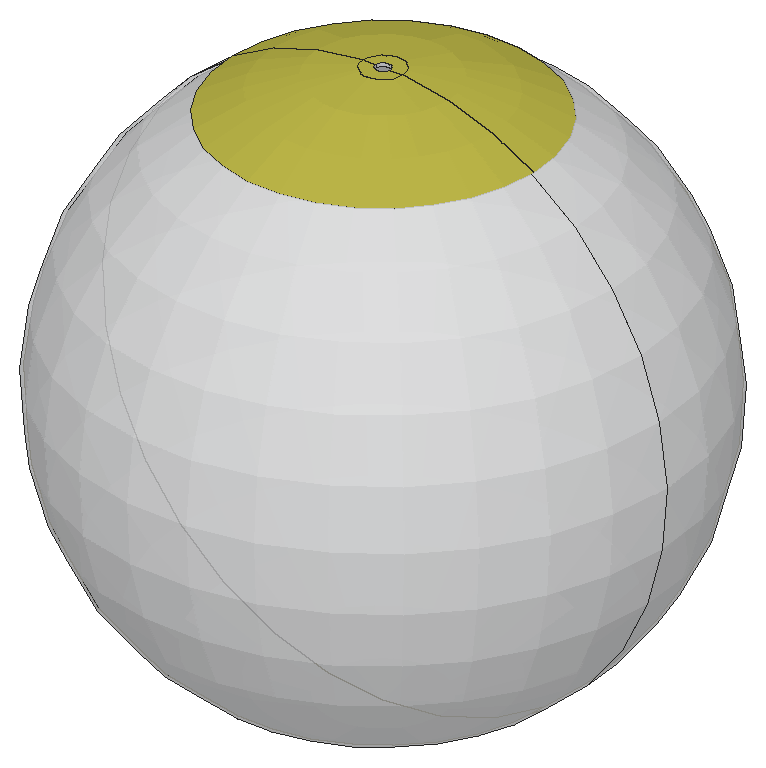
Revit family "OB20 SHADE", category Lighting Fixtures, Revit 2024
Family settings
  Round Connector Dimension = Use Diameter
  Part Type = Normal
  OmniClass Number = 23.80.70.00
  OmniClass Title = Lighting
  Work Plane-Based = No
  Always vertical = Yes
  Cut with Voids When Loaded = No
  Light Source = No
  Maintain Annotation Orientation = No
  Shared = No
  Room Calculation Point = No
Parameters
  Default Elevation = 0' - 0"
Reference planes (in)
  plane 1 "Light Source Axis (F/B)": y = 0
  plane 2: z = 0
  plane 3 "Light Source Axis (L/R)": x = 0
  plane 4 "Light Source Elevation": z = 54
Forms (in)
  Revolve 1, solid
    sketch origin (0, 0, 0) x (1, 0, 0) y (0, 0, 1)
      loop
        arc (-0.69087, 74.03876) -> (-3.07804, 73.58016) -> (-5.28559, 72.5625) r 10.0625
        line (-5.28559, 72.5625) -> (-5.16562, 72.5625)
        arc (-5.16562, 72.5625) -> (-9.63392, 61.31905) -> (0, 54) r 10
        line (0, 54) -> (0, 54.09375)
        arc (0, 54.09375) -> (-9.57564, 61.46212) -> (-4.90636, 72.60589) r 9.90625
        line (-4.90636, 72.60589) -> (-5.03136, 72.60589)
        arc (-5.03136, 72.60589) -> (-2.93684, 73.52633) -> (-0.68764, 73.94501) r 9.96875
        line (-0.68764, 73.94501) -> (-0.25, 73.94501) -> (-0.25, 74.03876) -> (-0.69087, 74.03876)
      axis (0, 74.03876) -> (0, 54)
    angle from 0 to 360
Dimensions and locks (in)
  aligned and locked: level to plane 2
